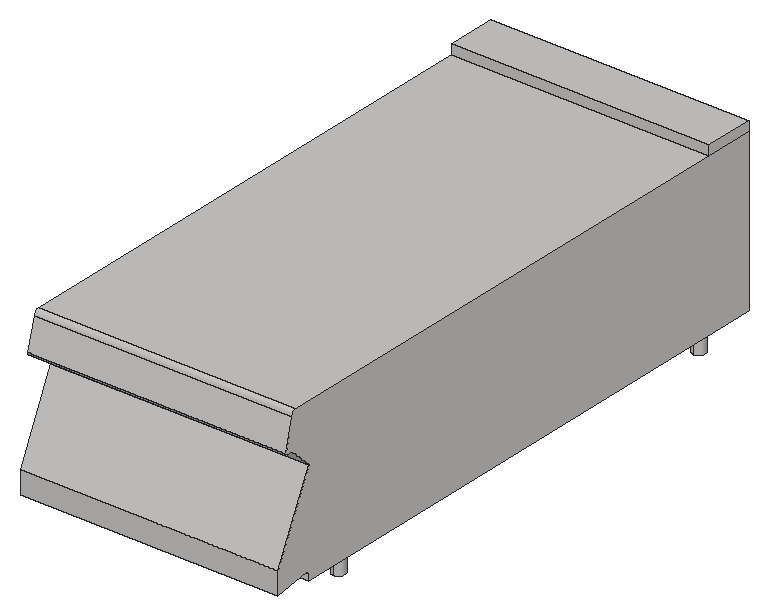
Revit family "QF_ZANUSSI_392158_Z9WTNDN000", category Specialty Equipment, Revit 2018
Family settings
  Round Connector Dimension = Use Diameter
  Part Type = Normal
  Work Plane-Based = No
  Always vertical = Yes
  Cut with Voids When Loaded = No
  Shared = No
  Room Calculation Point = No
Parameters
  Width = 400 mm  # constant formula
  Weight in Pounds = 20
  Weight = 0.00 kg
  Watts = 0 W
  Volts = 0 V
  URL Manufacturer = "http://www.zanussiprofessional.com"
  URL Cutsheet = "www.electrolux.com"
  URL = "http://www.zanussiprofessional.com"
  Type Mark [instance] = ""
  Steam Supply Size = 0"
  Steam Supply Minimum Pressure = 0.00 psi
  Steam Supply Maximum Pressure = 0.00 psi
  Steam Pounds per Hour = 0
  Status [instance] = ""
  Specification by User [instance] = ""
  Specification by Manufacturer = ""
  Show Logo [instance] = yes
  Serial Number = ""
  Seismic Rating = ""
  SMACNA No = ""
  Revision Code [instance] = ""
  Refrigeration Suction Line Size = 0"
  Refrigeration Liquid Line Size = 0"
  Refrigerant Compressor Remote = yes
  Phase = 0
  Omniclass Number and Title = ""
  NAFEM Spec ID Number = ""
  Model = "Z9WTNDN000"
  Masterspec = ""
  Manufacturer = "Zanussi"
  Length Actual = 400 mm  # constant formula
  Item Number [instance] = "392158"
  Installed By [instance] = ""
  Identify Quantity as Lot [instance] = yes
  Hot Water Size = 0"
  Height Actual = 250 mm  # constant formula
  Height = 289 mm  # constant formula
  HP = "0 HP"
  Gas Size = 0"
  Gas KW = 0
  Gas Input Pressure = 0.0 Btu/h
  Furnished By [instance] = ""
  Foodservice Equipment Identifier [instance] = yes
  Direct Waste Size = 0"
  Description = "WORKTOP 400 MM"
  Depth Actual = 900 mm  # constant formula
  Depth = 915 mm  # constant formula
  Cycle = 0 Hz
  Condensate Return Size = 0"
  Compressed Air Volume = 0 GPM
  Compressed Air Size = 0"
  Compressed Air Pressure = 0.00 psi
  Cold Water Size = 0"
  CSI MasterFormat = ""
  CSI Master Format = ""
  Base Height = 24 mm  # constant formula
  Accessory = yes
Reference planes
  plane 1 "BACK": y = 0
  plane 2: z = 0
  plane 3 "LEFT": x = 0
  plane 4 "RIGHT": x = 400
  plane 5 "FRONT": y = -915
  plane 6 "TOP": z = 274
  plane 7 "Center Y": x = 200
  plane 8 "Center X": y = -457.5
  plane 9: z = 24
  plane 10: z = 289
  plane 11: y = -82
  plane 12: y = -790
Forms (mm)
  Extrusion 1, solid, material "QF_Finishes_Stainless Steel"
    sketch origin (0, 0, 0) x (0, 1, 0) y (0, 0, 1)
      loop
        line (0, 24) -> (0, 274) -> (-879.358, 274)
        arc (-879.358, 274) -> (-884.643, 271.811) -> (-886.833, 266.526) r 7.474
        line (-886.833, 266.526) -> (-899.884, 221.011)
        arc (-899.884, 221.011) -> (-899.396, 218.379) -> (-897, 217.184) r 3
        line (-897, 217.184) -> (-886.802, 217.184) -> (-854.982, 185.364) -> (-915, 64.508) -> (-915, 29.508) -> (-858.645, 37.428)
        arc (-858.645, 37.428) -> (-856.101, 36.674) -> (-855, 34.259) r 3.2
        line (-855, 34.259) -> (-855, 24) -> (0, 24)
    from 0 to 400
  Extrusion 2, solid, material "QF_Finishes_Stainless Steel"
    sketch origin (0, -199.871, 0) x (1, 0, 0) y (0, 1, 0)
      loop
        circle (11.112, 117.871) r 9.525
      loop
        circle (388.888, 117.871) r 9.525
      loop
        circle (11.112, -582.629) r 9.525
      loop
        circle (388.888, -582.629) r 9.525
    from 0 to 23.812
  Extrusion 3, solid, material "QF_Finishes_Stainless Steel"
    sketch origin (0, -199.871, 0) x (0, 1, 0) y (0, 0, 1)
      loop
        line (199.871, 274) -> (199.871, 289) -> (123.671, 289) -> (123.671, 274) -> (199.871, 274)
    from 0 to 400
Lines and regions (mm)
  symbolic lines
    curve 1: line (0, -915, 0) -> (400, -915, 0)
    curve 2: line (0, 0, 0) -> (0, -915, 0)
    curve 3: line (400, 0, 0) -> (0, 0, 0)
    curve 4: line (400, -915, 0) -> (400, 0, 0)
    curve 5: line (0, -76.2, 0) -> (400, -76.2, 0)
    curve 6: line (0, -908.65, 0) -> (400, -908.65, 0)
Dimensions and locks
  equal spacing: plane 3 "LEFT", plane 7 "Center Y", plane 4 "RIGHT"
  "Width": plane 3 "LEFT" to plane 4 "RIGHT"
  equal spacing: plane 5 "FRONT", plane 8 "Center X", plane 1 "BACK"
  "Depth": plane 5 "FRONT" to plane 1 "BACK"
  "Height": plane 10 to level
  "Base Height": plane 9 to level
  plane 9 to plane 2 = 24 mm
  plane 11 to plane 1 "BACK" = 82 mm
  plane 12 to plane 11 = 708 mm
  plane 6 "TOP" to plane 9 = 250 mm
  aligned and locked: level to plane 2
  aligned and locked: Extrusion 3 to Extrusion 1
Automatic sketch dimensions
  curve 5 to plane 3 "LEFT" = 0 mm
  plane 1 "BACK" to curve 2 = 0 mm
  curve 6 to plane 4 "RIGHT" = 0 mm
  curve 5 to curve 3 = 76.2 mm
  curve 6 to plane 5 "FRONT" = 6.35 mm
  curve 2 to curve 6 = 6.35 mm
  Extrusion 2 sketch curve to Extrusion 2 sketch curve = 0 mm  (x8)
  plane 3 "LEFT" to Extrusion 2 sketch curve = 11.112 mm  (x2)
  Extrusion 2 sketch curve to plane 4 "RIGHT" = 11.112 mm  (x2)
  Extrusion 2 sketch curve to plane 8 "Center X" = 334.525 mm  (x2)
  Extrusion 2 sketch curve to Extrusion 2 sketch curve = 9.525 mm  (x4)
  plane 1 "BACK" to Extrusion 2 sketch curve = 91.525 mm  (x2)
  Extrusion 3 sketch curve to plane 6 "TOP" = 0 mm
  plane 1 "BACK" to Extrusion 3 sketch curve = 0 mm
  Extrusion 3 sketch curve to plane 10 = 0 mm
  plane 1 "BACK" to Extrusion 3 sketch curve = 76.2 mm
  Extrusion 1 sketch curve to plane 6 "TOP" = 0 mm
  Extrusion 1 sketch curve to plane 9 = 0 mm
  plane 9 to Extrusion 1 sketch curve = 5.508 mm
  plane 5 "FRONT" to Extrusion 1 sketch curve = 0 mm
  Extrusion 1 sketch curve to plane 6 "TOP" = 52.989 mm
  Extrusion 1 sketch curve to Extrusion 1 sketch curve = 15.116 mm
  Extrusion 1 sketch curve to Extrusion 1 sketch curve = 2.884 mm
  Extrusion 1 sketch curve to plane 6 "TOP" = 7.474 mm
  Extrusion 1 sketch curve to Extrusion 1 sketch curve = 13.051 mm
  Extrusion 1 sketch curve to Extrusion 1 sketch curve = 10.198 mm
  plane 9 to Extrusion 1 sketch curve = 13.428 mm
  Extrusion 1 sketch curve to Extrusion 1 sketch curve = 56.355 mm
  Extrusion 1 sketch curve to Extrusion 1 sketch curve = 0.445 mm
  Extrusion 1 sketch curve to Extrusion 1 sketch curve = 3.2 mm
  Extrusion 1 sketch curve to plane 6 "TOP" = 88.636 mm
  Extrusion 1 sketch curve to Extrusion 1 sketch curve = 31.82 mm
  plane 8 "Center X" to Extrusion 1 sketch curve = 457.5 mm
  Extrusion 1 sketch curve to Extrusion 1 sketch curve = 35 mm
  Extrusion 1 sketch curve to Extrusion 1 sketch curve = 3.827 mm
